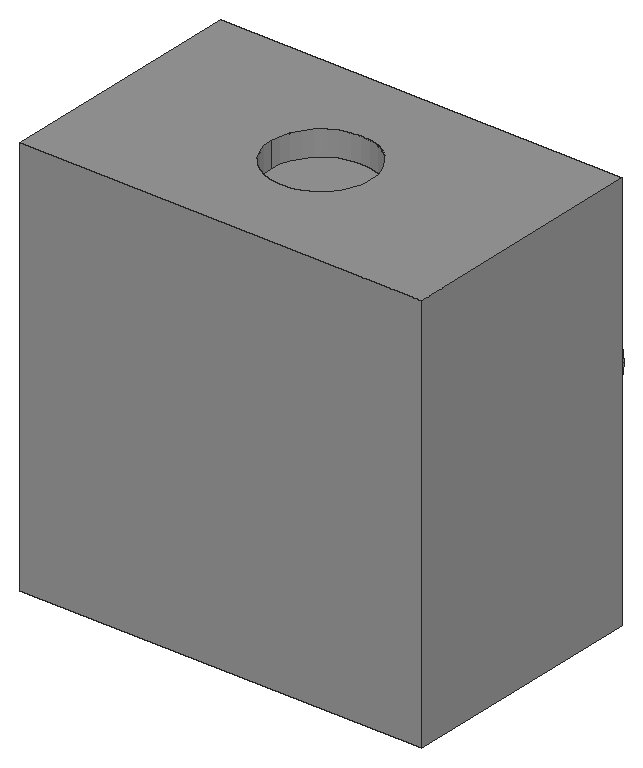
Revit family "SHG_Tuerkontakte_V1700", category Sicherheitsgeräte, Revit 2017
Family settings
  Beschriftungsausrichtung beibehalten = Nein
  Bemaßung runder Anschluss = Durchmesser verwenden
  Teiletyp = Normal
  OmniClass-Nummer = 23.85.30.11
  OmniClass-Titel = Access Controls
  Arbeitsebenenbasiert = Nein
  Immer vertikal = Ja
  Beim Laden mit Abzugskörper schneiden = Nein
  Gemeinsam genutzt = Nein
  Raumberechnungspunkt = Nein
Parameters (values of type "Codetastatur")
  Öffnungskontakt = no
  pbr_Material_KZ = ""
  pbr_Material = none
  pbr_E_Typ = ""
  pbr_E_KZ = ""
  pbr_DINBild = 0
  pbr_Bild = 0
  pbr_3Dx_Delta_Korrekturversatz [instance] = 0 mm
  pbr_3DX_Versatzfaktor [instance] = 0
  pbr_2DY_Versatzfaktor [instance] = 0
  pbr_2DX_Versatzfaktor [instance] = 0
  lfd_STRK [instance] = 0
  cpiFitMatchKey [instance] = "E-BM-HM"
  Zentrale [instance] = ""
  Winkel [instance] = 90.00°
  Vibrationskontakt1 = no
  Typ [instance] = ""
  Text3 [instance] = ""
  Text2 [instance] = ""
  Text1 [instance] = ""
  Sperrelement = no
  Scharfschaltung = no
  Riegelkontakt = no
  Planungsbüro Rohling = "www.pbr.de"
  Panikverschluss = no
  Netzart = ""
  Motorschloss = no
  Menge(Dosenzahl) [instance] = 0
  Magnetkontakt2 = no
  Magnetkontakt = no
  Linie/Anschluss [instance] = ""
  Linie [instance] = ""
  Leerrohrtiefe = 5 mm
  Lastklassifizierung = none
  Installationsart [instance] = ""
  Info [instance] = ""
  Haltemagnet mit Auslöser = no
  Haltemagnet = no
  Gewerk [instance] = "ZK"
  Feststellanlage = no
  Eckversatz [instance] = 0 mm
  YFrontversatz [instance] = if(pbr_2DY_Versatzfaktor = 300, 0 mm, pbr_2DY_Versatzfaktor * 300 mm)  # 0 mm
  XSeitenversatz [instance] = if(pbr_2DX_Versatzfaktor = 0, 3000 mm, 3000 mm + (pbr_2DX_Versatzfaktor * 300 mm)) + Eckversatz  # 3000 mm
  R_Leerrohranhschluss = 10 mm
  Niveau [instance] = 300 mm
  Dosentiefe = 70 mm  # constant formula
  Dosenradius = 65 mm / 2  # 32.5 mm
  Digitaler Schließzylinder = no
  D_Leerrohranschluss = 2 * R_Leerrohranhschluss  # 20 mm
  Codetastatur = yes
  Bus [instance] = ""
  Breite = 80 mm
  Boxtiefe = 50 mm
  Betriebsstrom ruhe [instance] = 0
  Betriebsstrom max [instance] = 0
  3DX_Versatzkontrolle [instance] = if(pbr_3DX_Versatzfaktor = 0, (pbr_2DX_Versatzfaktor * -1), (((-1 * pbr_3DX_Versatzfaktor) + pbr_2DX_Versatzfaktor) * -1))  # 0
  3DX_Versatzfaktor [instance] = 0
  3DX_Versatz [instance] = if([3DX_Versatzkontrolle] = 0, 2000 mm, 2000 mm + ([3DX_Versatzkontrolle] * (300 mm - Breite))) + pbr_3Dx_Delta_Korrekturversatz  # 2000 mm
  2DY_Versatzfaktor [instance] = 0
  2DX_Versatzfaktor [instance] = 0
Types (12, lengths in mm): name | Öffnungskontakt | Vibrationskontakt1 | Sperrelement | Scharfschaltung | Riegelkontakt | Panikverschluss | Motorschloss | Magnetkontakt | Gewerk | Feststellanlage | Digitaler Schließzylinder | Codetastatur
  Feststellanlage | no | no | no | no | no | no | no | no | "EMA" | yes | no | no
  Magnetkontakt_EMA | no | no | no | no | no | no | no | yes | "EMA" | no | no | no
  Motorschloss | no | no | no | no | no | no | yes | no | "EMA" | no | no | no
  Oeffnungskontakt | yes | no | no | no | no | no | no | no | "EMA" | no | no | no
  Riegelkontakt | no | no | no | no | yes | no | no | no | "EMA" | no | no | no
  Scharfschaltung | no | no | no | yes | no | no | no | no | "EMA" | no | no | no
  Sperrelement | no | no | yes | no | no | no | no | no | "EMA" | no | no | no
  Vibrationskontakt | no | yes | no | no | no | no | no | no | "EMA" | no | no | no
  Codetastatur | no | no | no | no | no | no | no | no | "ZK" | no | no | yes
  Schliesszylinder_digital | no | no | no | no | no | no | no | no | "ZK" | no | yes | no
  Magnetkontakt_ZK | no | no | no | no | no | no | no | yes | "ZK" | no | no | no
  Panikverschluss | no | no | no | no | no | yes | no | no | "ZK" | no | no | no
Reference planes
  plane 1 "Mitte (Vorne/Hinten)": y = 0
  plane 2: z = 0
  plane 3 "Mitte (Links/Rechts)": x = 0
  plane 4: x = -125
  plane 5: x = 125
  plane 6: y = 300
  plane 7 "Schalterhinten": y = 0
  plane 8: x = -3000
  plane 9: x = 0
  plane 10: x = -2000
  plane 11: x = -40
  plane 12: x = 40
  plane 13: z = 340
  plane 14: z = 260
  plane 15 "SchalterVorne": y = 50
  plane 16 "3DSchalterMitte": x = 0
  plane 17: z = 300
  plane 18 "Schalterkurz": y = 52.47
  plane 19 "Schalterlang": y = 59.712
  plane 20: x = -32.5
  plane 21: x = 32.5
  plane 22 "MitteBox": y = 25
  plane 23: z = 335
  plane 24: z = 265
  plane 25: y = 150
Forms (mm)
  Extrusion 1, solid, material "Kunststoff, undurchsichtig weiß"
    sketch origin (0, 20, 0) x (0, 0, 1) y (-1, 0, 0)
      loop
        line (260, 40) -> (260, -40) -> (340, -40) -> (340, 40) -> (260, 40)
    from -30 to 20
  Sweep 2, void
    path origin (-111.336, 25, 1200) x (-1, 0, 0) y (0, 0, 1)
      loop
        line (-111.336, -935) -> (-111.336, -940)
    profile origin (0, 25, 262.5) x (0, 1, 0) y (-1, 0, 0)
      loop
        circle (0, 0) r 10
  Sweep 3, void
    path origin (-111.336, 25, 1200) x (-1, 0, 0) y (0, 0, 1)
      loop
        line (-111.336, -865) -> (-111.336, -860)
    profile origin (0, 25, 337.5) x (1, 0, 0) y (0, 1, 0)
      loop
        circle (0, 0) r 10
  Extrusion 4, solid, material "Stahl, Edelstahl"
    sketch origin (0, 0, 0) x (-1, 0, 0) y (0, 0, 1)
      loop
        circle (0, 300) r 32.5
    from 50 to 59.712
Cuts and joins
  Sweep 2, Sweep 3 cuts Extrusion 1
Dimensions and locks
  plane 4 to plane 5 = 250 mm
  plane 6 to plane 7 "Schalterhinten" = 300 mm
  equal spacing: plane 4, plane 9, plane 5, locked at 125 each
  "XSeitenversatz": plane 8 to plane 9
  plane 8 to plane 3 "Mitte (Links/Rechts)" = 3000 mm
  "YFrontversatz": plane 1 "Mitte (Vorne/Hinten)" to plane 7 "Schalterhinten"
  plane 12 to plane 11 = 80 mm
  plane 13 to plane 14 = 80 mm
  plane 9 to plane 10 = 2000 mm
  equal spacing: plane 12, plane 16 "3DSchalterMitte", plane 11
  equal spacing: plane 13, plane 17, plane 14
  "Niveau": plane 17 to level
  plane 15 "SchalterVorne" to plane 1 "Mitte (Vorne/Hinten)" = 50 mm
  "Boxtiefe": plane 1 "Mitte (Vorne/Hinten)" to plane 15 "SchalterVorne"
  plane 1 "Mitte (Vorne/Hinten)" to plane 15 "SchalterVorne" to plane 18 "Schalterkurz" to plane 19 "Schalterlang" = 50 mm, 2.47 mm locked, 7.241 mm locked
  locked: plane 11 to plane 20 at 7.5
  locked: plane 21 to plane 12 at 7.5
  equal spacing: plane 1 "Mitte (Vorne/Hinten)", plane 22 "MitteBox", plane 15 "SchalterVorne"
  "Leerrohrtiefe": plane 23 to plane 13
  "Leerrohrtiefe": plane 24 to plane 14
  equal spacing: plane 6, plane 25, plane 7 "Schalterhinten"
  "Breite": plane 12 to plane 11
  "3DX_Versatz": plane 3 "Mitte (Links/Rechts)" to plane 10
  locked: plane 9 to plane 10 at 2000
  "R_Leerrohranhschluss": radius of Sweep 2 sketch curve
  "R_Leerrohranhschluss": radius of Sweep 3 sketch curve
  aligned and locked: level to plane 2
  aligned and locked: plane 14 to Extrusion 1 sketch curve
  aligned and locked: Extrusion 1 sketch curve to plane 11
  aligned and locked: Extrusion 1 sketch curve to plane 13
  aligned and locked: plane 12 to Extrusion 1 sketch curve
  aligned and locked: plane 1 "Mitte (Vorne/Hinten)" to Extrusion 1
  aligned and locked: Extrusion 1 to plane 15 "SchalterVorne"
  aligned and locked: Extrusion 4 to cut or joined group of Extrusion 1, Sweep 2, Sweep 3
  aligned and locked: plane 19 "Schalterlang" to Extrusion 4
  aligned and locked: nested 1 to plane 9
  aligned and locked: nested 1 to plane 7 "Schalterhinten"
  aligned and locked: nested 2 to plane 9
  aligned and locked: nested 2 to plane 7 "Schalterhinten"
  aligned and locked: nested 3 to plane 9
  aligned and locked: nested 3 to plane 7 "Schalterhinten"
  aligned and locked: nested 4 to plane 9
  aligned and locked: nested 4 to plane 7 "Schalterhinten"
  aligned and locked: nested 5 to plane 9
  aligned and locked: nested 5 to plane 7 "Schalterhinten"
  aligned and locked: nested 6 to plane 9
  aligned and locked: nested 6 to plane 7 "Schalterhinten"
  aligned and locked: nested 7 to plane 7 "Schalterhinten"
  aligned and locked: nested 8 to plane 9
  aligned and locked: nested 8 to plane 7 "Schalterhinten"
  aligned and locked: nested 9 to plane 9
  aligned and locked: nested 9 to plane 7 "Schalterhinten"
  aligned and locked: nested 10 to plane 9
  aligned and locked: nested 10 to plane 7 "Schalterhinten"
  aligned and locked: nested 11 to plane 9
  aligned and locked: nested 11 to plane 7 "Schalterhinten"
  aligned and locked: nested 12 to plane 9
  aligned and locked: nested 12 to plane 7 "Schalterhinten"
Automatic sketch dimensions
  Sweep 2 sketch curve to plane 14 = 0 mm
  Sweep 2 sketch curve to plane 16 "3DSchalterMitte" = 0 mm
  Sweep 2 sketch curve to plane 24 = 0 mm
  Sweep 2 sketch curve to plane 22 "MitteBox" = 0 mm
  Sweep 2 sketch curve to profile plane = 0 mm
  Sweep 3 sketch curve to plane 13 = 0 mm
  Sweep 3 sketch curve to plane 16 "3DSchalterMitte" = 0 mm
  Sweep 3 sketch curve to plane 23 = 0 mm
  Sweep 3 sketch curve to plane 22 "MitteBox" = 0 mm
  Sweep 3 sketch curve to profile plane = 0 mm
  Extrusion 4 sketch curve to plane 16 "3DSchalterMitte" = 0 mm
  Extrusion 4 sketch curve to plane 17 = 0 mm
  radius of Extrusion 4 sketch curve = 32.5 mm
Nested families
  nested 1: "Riegelkontakt" at (0, 0, 0), visible <- "Riegelkontakt", type "Riegelkontakt"
  nested 2: "Codetastatur" at (0, 0, 0), visible <- "Codetastatur", type "Codetastatur"
  nested 3: "Digitaler Schließzylinder" at (0, 0, 0), visible <- "Digitaler Schließzylinder", type "Digitaler Schließzylinder"
  nested 4: "Feststellanlage (EMA)" at (0, 0, 0), visible <- "Feststellanlage", Winkel <- "Winkel", type "Feststellanlage (EMA)"
    with Winkel 90.00°
  nested 5: "Magnetkontakt" at (0, 0, 0), visible <- "Magnetkontakt", type "Magnetkontakt"
  nested 6: "Motorschloss" at (0, 0, 0), visible <- "Motorschloss", type "Motorschloss"
  nested 7: "Panikveschluss" at (0, 0, 0), visible <- "Panikverschluss", type "Panikveschluss"
  nested 8: "Riegelkontakt" at (0, 0, 0), visible <- "Riegelkontakt", type "Riegelkontakt"
  nested 9: "Scharfschaltung" at (0, 0, 0), visible <- "Scharfschaltung", type "Scharfschaltung"
  nested 10: "Sperrelement (SPE)" at (0, 0, 0), visible <- "Sperrelement", type "Sperrelement (SPE)"
  nested 11: "Vibrationskontakt" at (0, 0, 0), visible <- "Vibrationskontakt1", type "Vibrationskontakt"
  nested 12: "Öffnungskontakt (ÖK)" at (0, 0, 0), visible <- "Öffnungskontakt", type "Öffnungskontakt (ÖK)"
Connectors
  electrical at (0, 25, 340)
    settings: on cut or joined group of Extrusion 1, Sweep 2, Sweep 3, index 1, voltage 230 V, apparent load 0 VA, apparent load phase1 0 VA, apparent load phase2 0 VA, apparent load phase3 0 VA, power factor 1, load classification "Standard", number of poles 1, system type 10, power factor state 1, is connector primary yes, connector utility no, sub classification motor no, connector description ""
  cabletrayconduit at (0, 25, 335), diameter 20, driven by "D_Leerrohranschluss"
    settings: on cut or joined group of Extrusion 1, Sweep 2, Sweep 3, index 2, connector width 300 mm, connector height 300 mm, connector angle 0.00°, system type 32, placement type 0, profile type 0, connector reference index -1, is primary connector yes, connector utility param no, connector description ""
  cabletrayconduit at (0, 25, 265), diameter 20, driven by "D_Leerrohranschluss"
    settings: on cut or joined group of Extrusion 1, Sweep 2, Sweep 3, index 3, connector width 300 mm, connector height 300 mm, connector angle 0.00°, system type 32, placement type 0, profile type 0, connector reference index -1, is primary connector no, connector utility param no, connector description ""
Definition of nested family "Riegelkontakt"
  Reference planes
    plane 1 "Mitte (Vorne/Hinten)": y = 0
    plane 2: z = 0
    plane 3 "Mitte (Links/Rechts)": x = 0
  Lines and regions (mm)
    Filled region 1, type "Beton", in view "Referenzebene"
      outline origin (685.03, -321.668, 0) x (1, 0, 0) y (0, 1, 0)
        loop
          arc (-669.873, 448.696) -> (-685.573, 550.6) -> (-701.213, 448.686) r 52.159
          line (-701.213, 448.686) -> (-750.699, 321.668) -> (-620.281, 321.668) -> (-669.873, 448.696)
    detail lines, in view "Referenzebene"
      curve 1: line (-65.669, 0, 0) -> (64.749, 0, 0)
Definition of nested family "Codetastatur"
  Reference planes
    plane 1 "Mitte (Vorne/Hinten)": y = 0
    plane 2: z = 0
    plane 3 "Mitte (Links/Rechts)": x = 0
  Lines and regions (mm)
    detail lines, in view "Referenzebene"
      curve 1: line (-143.175, 0, 0) -> (156.825, 0, 0)
      curve 2: line (156.825, 0, 0) -> (156.825, 300, 0)
      curve 3: line (156.825, 300, 0) -> (-143.175, 300, 0)
      curve 4: line (-143.175, 300, 0) -> (-143.175, 0, 0)
      curve 5: line (78.825, 78, 0) -> (-65.175, 78, 0)
      curve 6: line (-65.175, 78, 0) -> (-65.175, 222, 0)
      curve 7: line (-65.175, 222, 0) -> (78.825, 222, 0)
      curve 8: line (78.825, 222, 0) -> (78.825, 78, 0)
      curve 9: line (78.825, 126, 0) -> (-65.175, 126, 0)
      curve 10: line (78.825, 174, 0) -> (-65.175, 174, 0)
      curve 11: line (-17.175, 78, 0) -> (-17.175, 222, 0)
      curve 12: line (-59.175, 78, 0) -> (-59.175, 222, 0)
      curve 13: line (30.825, 78, 0) -> (30.825, 222, 0)
      curve 14: line (72.825, 222, 0) -> (72.825, 78, 0)
Definition of nested family "Digitaler Schließzylinder"
  Parameters (values of type "Digitaler Schließzylinder")
    D = yes
  Reference planes
    plane 1 "Mitte (Vorne/Hinten)": y = 0
    plane 2: z = 0
    plane 3 "Mitte (Links/Rechts)": x = 0
  Lines and regions (mm)
    Filled region 1, type "Beton", in view "Referenzebene", visible <- "D"
      outline origin (1519.606, -822.626, 0) x (1, 0, 0) y (0, 1, 0)
        loop
          line (-1579.606, 1120.011) -> (-1579.606, 942.626) -> (-1514.73, 942.626)
          spline (-1514.73, 942.626) -> (-1486.192, 945.867) -> (-1466.08, 954.456) -> (-1450.87, 969.19) -> (-1440.463, 988.281) -> (-1434.65, 1009.899) -> (-1432.952, 1031.093) -> (-1434.248, 1052.074) -> (-1439.649, 1073.884) -> (-1450.554, 1094.023) -> (-1465.775, 1108.52) -> (-1485.479, 1117.154) -> (-1511.238, 1120.011)
          line (-1511.238, 1120.011) -> (-1579.606, 1120.011)
        loop
          line (-1556.171, 963.685) -> (-1513.712, 963.685)
          spline (-1513.712, 963.685) -> (-1507.122, 964.028) -> (-1502.078, 964.498) -> (-1498.256, 965.042) -> (-1495.33, 965.605) -> (-1492.98, 966.153) -> (-1490.915, 966.752) -> (-1488.852, 967.498) -> (-1486.509, 968.489) -> (-1483.626, 969.821) -> (-1480.286, 971.617) -> (-1476.855, 974.015) -> (-1473.708, 977.156)
          spline (-1473.708, 977.156) -> (-1463.315, 994.174) -> (-1459.555, 1006.254) -> (-1457.481, 1019.417) -> (-1456.828, 1032.796) -> (-1457.198, 1044.073) -> (-1459.54, 1058.845) -> (-1463.156, 1069.752) -> (-1470.015, 1081.077) -> (-1478.837, 1090.075) -> (-1489.758, 1095.98) -> (-1502.9, 1098.466) -> (-1516.171, 1099.08)
          line (-1516.171, 1099.08) -> (-1556.171, 1099.08) -> (-1556.171, 963.685)
    detail lines, in view "Referenzebene"
      curve 1: circle (10.528, 200, 0) r 200 normal (0, 0, 1)
Definition of nested family "Feststellanlage (EMA)"
  Parameters (values of type "Feststellanlage (EMA)")
    Winkel [instance] = 90.00°
  Reference planes
    plane 1 "Mitte (Vorne/Hinten)": y = 0
    plane 2: z = 0
    plane 3 "Mitte (Links/Rechts)": x = 0
  Lines and regions (mm)
    detail lines, in view "Referenzebene"
      curve 1: line (-331.543, 360, 0) -> (319.937, 360, 0)
      curve 2: line (319.937, 360, 0) -> (319.937, 0, 0)
      curve 3: line (319.937, 0, 0) -> (-331.543, 0, 0)
      curve 4: line (-331.543, 0, 0) -> (-331.543, 360, 0)
  Dimensions and locks
    "Winkel": angle nested 1 to plane 3 "Mitte (Links/Rechts)"
  Automatic sketch dimensions
    plane 1 "Mitte (Vorne/Hinten)" to curve 4 = 0 mm
    curve 4 to plane 3 "Mitte (Links/Rechts)" = 331.543 mm
    plane 3 "Mitte (Links/Rechts)" to curve 3 = 319.937 mm
    curve 2 to plane 1 "Mitte (Vorne/Hinten)" = 360 mm
  Nested families
    nested 1: "text_Feststellanlage (EMA)" at (-0.063, 186.486, 0), type "text_Feststellanlage (EMA)", in view "Referenzebene"
  Definition of nested family "text_Feststellanlage (EMA)"
    Parameters (values of type "text_Feststellanlage (EMA)")
      S = yes
      F = yes
      A = yes
    Reference planes
      plane 1 "Mitte (Vorne/Hinten)": y = 0
      plane 2: z = 0
      plane 3 "Mitte (Links/Rechts)": x = 0
    Lines and regions (mm)
      Filled region 1, type "Beton", in view "Referenzebene", visible <- "F"
        outline origin (941.269, -1031.671, 0) x (1, 0, 0) y (0, 1, 0)
          loop
            line (-1238.295, 1120.011) -> (-1238.295, 942.626) -> (-1214.963, 942.626) -> (-1214.963, 1023.285) -> (-1131.598, 1023.285) -> (-1131.598, 1044.131) -> (-1214.963, 1044.131) -> (-1214.963, 1099.131) -> (-1118.75, 1099.131) -> (-1118.75, 1120.011) -> (-1238.295, 1120.011)
      Filled region 2, type "Beton", in view "Referenzebene", visible <- "S"
        outline origin (-942.268, -1028.295, 0) x (1, 0, 0) y (0, 1, 0)
          loop
            line (972.221, 1068.432) -> (994.477, 1070.112)
            spline (994.477, 1070.112) -> (976.447, 1108.505) -> (941.781, 1121.93) -> (902.906, 1118.692) -> (872.929, 1097.425) -> (869.039, 1060.307) -> (893.468, 1034.642) -> (932.469, 1022.864) -> (967.765, 1009.97) -> (973.053, 976.363) -> (939.711, 960.929) -> (902.2, 967.846) -> (880.988, 1001.585)
            line (880.988, 1001.585) -> (858.749, 999.639)
            spline (858.749, 999.639) -> (876.287, 958.742) -> (909.654, 941.932) -> (949.009, 940.548) -> (983.234, 955.778) -> (999.995, 989.715) -> (987.173, 1024.325) -> (953.826, 1041.372) -> (913.402, 1051.853) -> (888.267, 1074.109) -> (911.07, 1100.593) -> (949.686, 1099.437) -> (972.221, 1068.432)
      Filled region 3, type "Beton", in view "Referenzebene", visible <- "A"
        outline origin (2234.101, -1031.671, 0) x (1, 0, 0) y (0, 1, 0)
          loop
            line (-2102.291, 942.626) -> (-2077.464, 942.626) -> (-2057.901, 996.376) -> (-1983.637, 996.376) -> (-1962.821, 942.626) -> (-1936.216, 942.626) -> (-2008.949, 1120.011) -> (-2033.949, 1120.011) -> (-2102.291, 942.626)
          loop
            line (-2051.01, 1015.307) -> (-1990.968, 1015.307) -> (-2022.201, 1101.118) -> (-2051.01, 1015.307)
Definition of nested family "Magnetkontakt"
  Reference planes
    plane 1 "Mitte (Vorne/Hinten)": y = 0
    plane 2: z = 0
    plane 3 "Mitte (Links/Rechts)": x = 0
  Lines and regions (mm)
    Filled region 1, type "Beton", in view "Referenzebene"
      outline origin (509.13, -157.165, 0) x (1, 0, 0) y (0, 1, 0)
        loop
          line (-629.13, 157.165) -> (-389.13, 157.165) -> (-389.13, 397.165) -> (-629.13, 397.165) -> (-629.13, 157.165)
    detail lines, in view "Referenzebene"
      curve 1: line (-120, 240, 0) -> (120, 240, 0)
Definition of nested family "Motorschloss"
  Parameters (values of type "Motorschloss")
    M = yes
  Reference planes
    plane 1 "Mitte (Vorne/Hinten)": y = 0
    plane 2: z = 0
    plane 3 "Mitte (Links/Rechts)": x = 0
  Lines and regions (mm)
    Filled region 1, type "Beton", in view "Referenzebene", visible <- "M"
      outline origin (548.344, -615.751, 0) x (1, 0, 0) y (0, 1, 0)
        loop
          line (-612.272, 735.751) -> (-612.272, 889.205) -> (-560.806, 735.751) -> (-539.32, 735.751) -> (-488.261, 884.038) -> (-488.261, 735.751) -> (-465.557, 735.751) -> (-465.557, 913.136) -> (-496.828, 913.136) -> (-549.061, 761.44) -> (-599.936, 913.136) -> (-634.936, 913.136) -> (-634.936, 735.751) -> (-612.272, 735.751)
    detail lines, in view "Referenzebene"
      curve 1: circle (-4.005, 200, 0) r 200 normal (0, 0, 1)
Definition of nested family "Panikveschluss"
  Reference planes
    plane 1 "Mitte (Vorne/Hinten)": y = 0
    plane 2: z = 0
    plane 3 "Mitte (Links/Rechts)": x = 0
  Lines and regions (mm)
    detail lines, in view "Referenzebene"
      curve 1: arc (-68.493, 281.988, 0) -> (-9.454, 222.95, 0) -> (49.584, 281.988, 0) r 59.038
      curve 2: arc (49.584, 281.988, 0) -> (-9.454, 341.027, 0) -> (-68.493, 281.988, 0) r 59.038
      curve 3: arc (-128.852, 279.971, 0) -> (-9.727, 160.846, 0) -> (109.398, 279.971, 0) r 119.125
      curve 4: arc (109.398, 279.971, 0) -> (-9.727, 399.096, 0) -> (-128.852, 279.971, 0) r 119.125
      curve 5: line (0, 559.942, 0) -> (0, 443.651, 0)
      curve 6: line (0, 443.651, 0) -> (147.295, 443.651, 0)
      curve 7: line (147.295, 443.651, 0) -> (147.295, 116.291, 0)
      curve 8: line (147.295, 116.291, 0) -> (0, 116.291, 0)
      curve 9: line (0, 116.291, 0) -> (0, 0, 0)
Definition of nested family "Scharfschaltung"
  Reference planes
    plane 1 "Mitte (Vorne/Hinten)": y = 0
    plane 2: z = 0
    plane 3 "Mitte (Links/Rechts)": x = 0
  Lines and regions (mm)
    detail lines, in view "Referenzebene"
      curve 1: circle (-3.354, 150, 0) r 120 normal (0, 0, 1)
      curve 2: line (-153.354, 0, 0) -> (146.646, 0, 0)
      curve 3: line (146.646, 0, 0) -> (146.646, 300, 0)
      curve 4: line (146.646, 300, 0) -> (-153.354, 300, 0)
      curve 5: line (-153.354, 300, 0) -> (-153.354, 0, 0)
      curve 6: line (-3.354, 270, 0) -> (-3.354, 213.271, 0)
      curve 7: line (-49.276, 260.866, 0) -> (-27.567, 208.455, 0)
      curve 8: line (-88.207, 234.853, 0) -> (-48.093, 194.739, 0)
      curve 9: line (-114.22, 195.922, 0) -> (-61.809, 174.213, 0)
      curve 10: line (-114.22, 104.078, 0) -> (-61.809, 125.787, 0)
      curve 11: line (-123.354, 150, 0) -> (-66.625, 150, 0)
      curve 12: line (-88.207, 65.147, 0) -> (-48.093, 105.261, 0)
      curve 13: line (-49.276, 39.134, 0) -> (-27.567, 91.545, 0)
      curve 14: line (-3.354, 30, 0) -> (-3.354, 86.729, 0)
      curve 15: line (42.568, 39.134, 0) -> (20.859, 91.545, 0)
      curve 16: line (81.499, 65.147, 0) -> (41.385, 105.261, 0)
      curve 17: line (107.512, 104.078, 0) -> (55.101, 125.787, 0)
      curve 18: line (116.646, 150, 0) -> (59.917, 150, 0)
      curve 19: line (107.512, 195.922, 0) -> (55.101, 174.213, 0)
      curve 20: line (81.499, 234.853, 0) -> (41.385, 194.739, 0)
      curve 21: line (42.568, 260.866, 0) -> (20.859, 208.455, 0)
Definition of nested family "Sperrelement (SPE)"
  Reference planes
    plane 1 "Mitte (Vorne/Hinten)": y = 0
    plane 2: z = 0
    plane 3 "Mitte (Links/Rechts)": x = 0
  Lines and regions (mm)
    Filled region 1, type "Beton", in view "Referenzebene"
      outline origin (0, 0, 0) x (1, 0, 0) y (0, 1, 0)
        loop
          line (-6.416, 154.778) -> (-50.957, 40.452) -> (66.419, 40.452) -> (21.786, 154.778)
          arc (21.786, 154.778) -> (7.685, 246.497) -> (-6.416, 154.778) r 46.944
    detail lines, in view "Referenzebene"
      curve 1: line (142.67, 0, 0) -> (142.67, 270, 0)
      curve 2: line (142.67, 270, 0) -> (-127.33, 270, 0)
      curve 3: line (-127.33, 270, 0) -> (-127.33, 0, 0)
      curve 4: line (-127.33, 0, 0) -> (142.67, 0, 0)
Definition of nested family "Vibrationskontakt"
  Reference planes
    plane 1 "Mitte (Vorne/Hinten)": y = 0
    plane 2: z = 0
    plane 3 "Mitte (Links/Rechts)": x = 0
  Lines and regions (mm)
    Filled region 1, type "Beton", in view "Referenzebene"
      outline origin (3.75, 2.5, 0) x (1, 0, 0) y (0, 1, 0)
        loop
          line (-87.906, 120.485) -> (95.982, 0) -> (95.982, 242.985) -> (-87.906, 120.485)
    Filled region 2, type "Beton", in view "Referenzebene"
      outline origin (0, 0, 0) x (1, 0, 0) y (0, 1, 0)
        loop
          line (-124.306, 250.007) -> (-124.306, 0.007) -> (-88.272, 0.007) -> (-88.272, 250.007) -> (-124.306, 250.007)
    detail lines, in view "Referenzebene"
      curve 1: line (125.694, 250.007, 0) -> (-124.306, 250.007, 0)
      curve 2: line (-124.306, 250.007, 0) -> (-124.306, 0.007, 0)
      curve 3: line (-124.306, 0.007, 0) -> (125.694, 0.007, 0)
      curve 4: line (125.694, 0.007, 0) -> (125.694, 250.007, 0)
      curve 5: line (-124.306, 0.007, 0) -> (125.694, 0.007, 0)
Definition of nested family "Öffnungskontakt (ÖK)"
  Reference planes
    plane 1 "Mitte (Vorne/Hinten)": y = 0
    plane 2: z = 0
    plane 3 "Mitte (Links/Rechts)": x = 0
  Lines and regions (mm)
    Filled region 1, type "Beton", in view "Referenzebene"
      outline origin (274.206, -201.934, 0) x (1, 0, 0) y (0, 1, 0)
        loop
          circle (-279.563, 321.803) r 120
    detail lines, in view "Referenzebene"
      curve 1: arc (0, 239.749, 0) -> (-88.294, 206.595, 0) -> (-125.357, 119.869, 0) r 120
